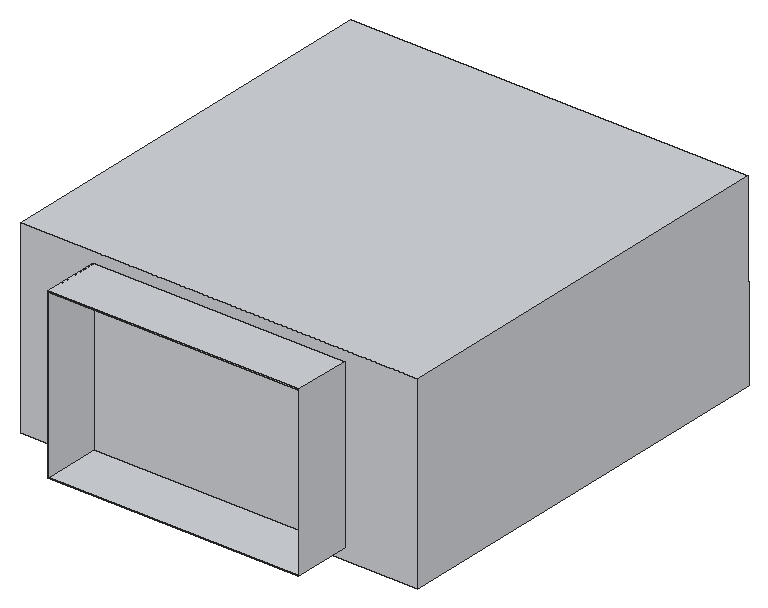
Revit family "EZTA (24x16)", category Mechanical Equipment, Revit 2016
Family settings
  Part Type = Normal
  Round Connector Dimension = Use Radius
  Work Plane-Based = No
  Always vertical = Yes
  Cut with Voids When Loaded = No
  Shared = No
  Room Calculation Point = No
Parameters (values of type "EZTS - 24x16")
  Width = 38"
  URL = "http://www.anemostat.com"
  Model = "EZTS With Hot Water Coil"
  Manufacturer = "Anemostat"
  Length = 39 1/2"
  Height = 18"
  Duct Inlet Width = 24"
  Duct Inlet Height = 16"
  Duct Discharge Width = 38"
  Duct Discharge Height = 18"
  Control Enclosure [instance] = yes
Reference planes (in)
  plane 1 "Center (Front/Back)": y = 0
  plane 2: z = 0
  plane 3 "Center (Left/Right)": x = 0
  plane 4: x = -19
  plane 5 "Right Side": x = 19
  plane 6: z = 18
  plane 7 "Back of Box": y = 39.5
  plane 8: x = -12
  plane 9: x = 12
  plane 10: z = 17
  plane 11: z = 1
  plane 12: x = -11.967
  plane 13: x = 11.967
  plane 14: z = 16.967
  plane 15: z = 1.033
  plane 16 "Back of HWC": y = 35
  plane 17: y = 41.25
  plane 18: z = 17.46875
  plane 19: z = 1.15234
  plane 20: y = 42.75
Forms (in)
  Extrusion 1, solid
    sketch origin (0, 0, 0) x (1, 0, 0) y (0, 0, 1)
      loop
        line (-19, 18) -> (-19, 0) -> (19, 0) -> (19, 18) -> (-19, 18)
    from 0 to -39.5
  Extrusion 2, solid
    sketch origin (0, 0, 0) x (1, 0, 0) y (0, 0, 1)
      loop
        line (-12, 17) -> (-12, 1) -> (12, 1) -> (12, 17) -> (-12, 17)
    from 0 to 5.4375
  Extrusion 3, void
    sketch origin (0, 0, 0) x (1, 0, 0) y (0, 0, 1)
      loop
        line (-11.967, 16.967) -> (-11.967, 1.033) -> (11.967, 1.033) -> (11.967, 16.967) -> (-11.967, 16.967)
    from 0 to 5.4375
Cuts and joins
  Extrusion 3 cuts Extrusion 1
  Extrusion 3 cuts Extrusion 2
Dimensions and locks (in)
  equal spacing: plane 5 "Right Side", plane 3 "Center (Left/Right)", plane 4
  "Width": plane 5 "Right Side" to plane 4
  "Height": plane 6 to level
  "Length": plane 7 "Back of Box" to plane 1 "Center (Front/Back)"
  plane 4 to plane 8 to plane 3 "Center (Left/Right)" = 7", 12"
  equal spacing: plane 9, plane 3 "Center (Left/Right)", plane 8
  locked: plane 7 "Back of Box" to plane 17 at 1.75
  locked: plane 6 to plane 18 at 0.53125
  locked: plane 19 to level at 1.15234
  locked: plane 7 "Back of Box" to plane 20 at 3.25
  aligned and locked: Extrusion 2 sketch curve to plane 10
  aligned and locked: plane 8 to Extrusion 2 sketch curve
  aligned and locked: plane 11 to Extrusion 2 sketch curve
  aligned and locked: Extrusion 2 sketch curve to plane 9
  aligned and locked: Extrusion 1 to plane 7 "Back of Box"
Automatic sketch dimensions
  Extrusion 1 sketch curve to level = 0"
  Extrusion 1 sketch curve to plane 4 = 0"
  Extrusion 1 sketch curve to plane 5 "Right Side" = 0"
  Extrusion 1 sketch curve to plane 6 = 0"
  Extrusion 3 sketch curve to plane 12 = 0"
  Extrusion 3 sketch curve to plane 13 = 0"
  Extrusion 3 sketch curve to plane 15 = 0"
  Extrusion 3 sketch curve to plane 14 = 0"
Connectors (in)
  hvac at (0, -5.4375, 9), driven by "Duct Inlet Height", driven by "Duct Inlet Width"
    settings: on cut or joined group of Extrusion 2, Extrusion 3, index 1, duct flow 0 CFM, flow factor 0, pres drop 0.00 in-wg, loss coef 0, conn angle 0.00°, conn width 24", conn height 16", conn diameter 24", duct sys type 3, conn prof type 1, flow config 0, flow direction 0, loss method 0, conn ref index -1, conn util no, is conn primary yes, conn desc ""
  hvac at (0, 39.5, 9), driven by "Duct Discharge Height", driven by "Duct Discharge Width"
    settings: on cut or joined group of Extrusion 1, Extrusion 3, index 2, duct flow 0 CFM, flow factor 0, pres drop 0.00 in-wg, loss coef 0, conn angle 0.00°, conn width 38", conn height 18", conn diameter 24", duct sys type 3, conn prof type 1, flow config 0, flow direction 0, loss method 0, conn ref index -1, conn util no, is conn primary no, conn desc ""
